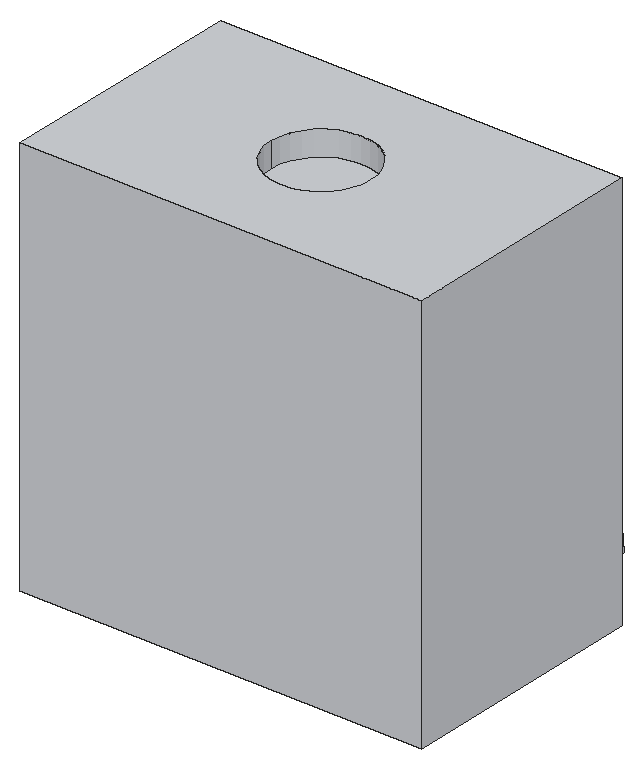
Revit family "SHG_Zugschalter_V1700", category Lichtschalter, Revit 2017
Family settings
  Beschriftungsausrichtung beibehalten = Nein
  Bemaßung runder Anschluss = Durchmesser verwenden
  Teiletyp = Schalter
  OmniClass-Nummer = 23.80.00.00
  OmniClass-Titel = Electric Power and Lighting
  Arbeitsebenenbasiert = Nein
  Immer vertikal = Ja
  Beim Laden mit Abzugskörper schneiden = Nein
  Gemeinsam genutzt = Nein
  Raumberechnungspunkt = Nein
Parameters (values of type "Zugschalter_Rolltor")
  pbr_Material_KZ = ""
  pbr_Material = none
  pbr_E_Typ = ""
  pbr_E_KZ = ""
  pbr_DINBild = 0
  pbr_Bild = 0
  pbr_3Dx_Delta_Korrekturversatz [instance] = 0 mm
  pbr_3DX_Versatzfaktor [instance] = 0
  pbr_2DY_Versatzfaktor [instance] = 0
  pbr_2DX_Versatzfaktor [instance] = 0
  lfd_STRK [instance] = 0
  cpiFitMatchKey [instance] = "E-LS-AS-1"
  Zugschalter Rolltor = yes
  Zentrale [instance] = ""
  Typ [instance] = ""
  Text3 [instance] = ""
  Text2 [instance] = ""
  Text1 [instance] = ""
  Planungsbüro Rohling = "www.pbr.de"
  Netzart = ""
  Menge(Dosenzahl) [instance] = 0
  Linie [instance] = ""
  Leerrohrtiefe = 5 mm
  Lastklassifizierung = none
  Installationsart [instance] = ""
  Info [instance] = ""
  IFC = ""
  Gewerk [instance] = "ZK"
  Eckversatz [instance] = 0 mm
  YFrontversatz [instance] = if(pbr_2DY_Versatzfaktor = 300, 0 mm, pbr_2DY_Versatzfaktor * 300 mm)  # 0 mm
  XSeitenversatz [instance] = if(pbr_2DX_Versatzfaktor = 0, 3000 mm, 3000 mm + (pbr_2DX_Versatzfaktor * 300 mm)) + Eckversatz  # 3000 mm
  R_Leerrohranschluss = 10 mm
  Niveau [instance] = 1100 mm
  Dosentiefe = 70 mm  # constant formula
  Dosenradius = 65 mm / 2  # 32.5 mm
  D_Leerrohranschluss = 2 * R_Leerrohranschluss  # 20 mm
  Bus [instance] = ""
  Breite = 80 mm
  Boxtiefe = 50 mm
  Betriebsstrom ruhe [instance] = 0
  Betriebsstrom max [instance] = 0
  3Polig_darstellen = no
  3DX_Versatzkontrolle [instance] = if(pbr_3DX_Versatzfaktor = 0, (pbr_2DX_Versatzfaktor * -1), (((-1 * pbr_3DX_Versatzfaktor) + pbr_2DX_Versatzfaktor) * -1))  # 0
  3DX_Versatzfaktor [instance] = 0
  3DX_Versatz [instance] = if([3DX_Versatzkontrolle] = 0, 2000 mm, 2000 mm + ([3DX_Versatzkontrolle] * (300 mm - Breite))) + pbr_3Dx_Delta_Korrekturversatz  # 2000 mm
  2Polig_darstellen = no
  2DY_Versatzfaktor [instance] = 0
  2DX_Versatzfaktor [instance] = 0
Reference planes
  plane 1 "Mitte (Vorne/Hinten)": y = 0
  plane 2: z = 0
  plane 3 "Mitte (Links/Rechts)": x = 0
  plane 4: x = -125
  plane 5: x = 125
  plane 6: y = 300
  plane 7 "Schalterhinten": y = 0
  plane 8: x = 0
  plane 9: x = -2000
  plane 10: x = -40
  plane 11: x = 40
  plane 12: z = 1140
  plane 13: z = 1060
  plane 14 "SchalterVorne": y = 50
  plane 15 "3DSchalterMitte": x = 0
  plane 16: z = 1100
  plane 17 "Schalterkurz": y = 52.47
  plane 18 "Schalterlang": y = 59.712
  plane 19: x = -32.5
  plane 20: x = 32.5
  plane 21 "MitteBox": y = 25
  plane 22: z = 1135
  plane 23: z = 1065
Forms (mm)
  Extrusion 1, solid
    sketch origin (0, 20, 0) x (0, 0, 1) y (-1, 0, 0)
      loop
        line (1060, 40) -> (1060, -40) -> (1140, -40) -> (1140, 40) -> (1060, 40)
    from -30 to 20
  Sweep 2, solid
    path origin (0, 59.712, 0) x (-1, 0, 0) y (0, 0, 1)
      loop
        line (32.5, 1100) -> (-32.5, 1100)
    profile origin (0, 59.712, 1100) x (0, 0, -1) y (0, 1, 0)
      loop
        line (-35, -9.712) -> (33.898, -9.712) -> (33.898, 0) -> (-35, -7.241) -> (-35, -9.712)
  Sweep 3, void
    path origin (-111.336, 25, 1200) x (-1, 0, 0) y (0, 0, 1)
      loop
        line (-111.336, -135) -> (-111.336, -140)
    profile origin (0, 25, 1062.5) x (0, 1, 0) y (-1, 0, 0)
      loop
        circle (0, 0) r 10
  Sweep 4, void
    path origin (-111.336, 25, 1200) x (-1, 0, 0) y (0, 0, 1)
      loop
        line (-111.336, -65) -> (-111.336, -60)
    profile origin (0, 25, 1137.5) x (1, 0, 0) y (0, 1, 0)
      loop
        circle (0, 0) r 10
Cuts and joins
  Sweep 3, Sweep 4 cuts Extrusion 1
  joined: Extrusion 1, Sweep 2
Dimensions and locks
  plane 4 to plane 5 = 250 mm
  plane 6 to plane 7 "Schalterhinten" = 300 mm
  equal spacing: plane 4, plane 8, plane 5, locked at 125 each
  "YFrontversatz": plane 1 "Mitte (Vorne/Hinten)" to plane 7 "Schalterhinten"
  plane 11 to plane 10 = 80 mm
  plane 12 to plane 13 = 80 mm
  plane 8 to plane 9 = 2000 mm
  equal spacing: plane 11, plane 15 "3DSchalterMitte", plane 10
  "3DX_Versatz": plane 15 "3DSchalterMitte" to plane 9
  equal spacing: plane 12, plane 16, plane 13
  "Niveau": plane 16 to level
  plane 14 "SchalterVorne" to plane 1 "Mitte (Vorne/Hinten)" = 50 mm
  "Boxtiefe": plane 1 "Mitte (Vorne/Hinten)" to plane 14 "SchalterVorne"
  plane 1 "Mitte (Vorne/Hinten)" to plane 14 "SchalterVorne" to plane 17 "Schalterkurz" to plane 18 "Schalterlang" = 50 mm, 2.47 mm locked, 7.241 mm locked
  locked: plane 10 to plane 19 at 7.5
  locked: plane 20 to plane 11 at 7.5
  equal spacing: plane 1 "Mitte (Vorne/Hinten)", plane 21 "MitteBox", plane 14 "SchalterVorne"
  "Leerrohrtiefe": plane 22 to plane 12
  "Leerrohrtiefe": plane 23 to plane 13
  locked: plane 8 to plane 9 at 2000
  "Breite": plane 11 to plane 10
  "R_Leerrohranschluss": radius of Sweep 3 sketch curve
  "R_Leerrohranschluss": radius of Sweep 4 sketch curve
  aligned and locked: level to plane 2
  aligned and locked: plane 13 to Extrusion 1 sketch curve
  aligned and locked: Extrusion 1 sketch curve to plane 10
  aligned and locked: Extrusion 1 sketch curve to plane 12
  aligned and locked: plane 11 to Extrusion 1 sketch curve
  aligned and locked: plane 1 "Mitte (Vorne/Hinten)" to Extrusion 1
  aligned and locked: Extrusion 1 to plane 14 "SchalterVorne"
  aligned and locked: nested 1 to plane 8
  aligned and locked: nested 1 to plane 7 "Schalterhinten"
Automatic sketch dimensions
  Sweep 2 sketch curve to plane 16 = 0 mm
  plane 20 to Sweep 2 sketch curve = 0 mm
  plane 19 to Sweep 2 sketch curve = 0 mm
  Sweep 2 sketch curve to plane 18 "Schalterlang" = 0 mm
  Sweep 2 sketch curve to plane 18 "Schalterlang" = 7.241 mm
  profile plane to Sweep 2 sketch curve = 35 mm
  Sweep 2 sketch curve to profile plane = 33.898 mm
  Sweep 2 sketch curve to Sweep 2 sketch curve = 9.712 mm
  Sweep 3 sketch curve to plane 13 = 0 mm
  Sweep 3 sketch curve to plane 15 "3DSchalterMitte" = 0 mm
  Sweep 3 sketch curve to plane 23 = 0 mm
  Sweep 3 sketch curve to plane 21 "MitteBox" = 0 mm
  Sweep 3 sketch curve to profile plane = 0 mm
  Sweep 4 sketch curve to plane 12 = 0 mm
  Sweep 4 sketch curve to plane 15 "3DSchalterMitte" = 0 mm
  Sweep 4 sketch curve to plane 22 = 0 mm
  Sweep 4 sketch curve to plane 21 "MitteBox" = 0 mm
  Sweep 4 sketch curve to profile plane = 0 mm
Nested families
  nested 1: "Zugschalter Rolltor" at (0, 0, 0), visible <- "Zugschalter Rolltor", type "Zugschalter Rolltor"
Connectors
  electrical at (0, 25, 1140)
    settings: on cut or joined group of Extrusion 1, Sweep 2, Sweep 3, Sweep 4, index 1, voltage 230 V, apparent load 0 VA, apparent load phase1 0 VA, apparent load phase2 0 VA, apparent load phase3 0 VA, power factor 1, load classification "Standard", number of poles 1, system type 31, power factor state 1, is connector primary yes, connector utility no, sub classification motor no, connector description ""
  cabletrayconduit at (0, 25, 1135), diameter 20, driven by "D_Leerrohranschluss"
    settings: on cut or joined group of Extrusion 1, Sweep 2, Sweep 3, Sweep 4, index 2, connector width 300 mm, connector height 300 mm, connector angle 0.00°, system type 32, placement type 0, profile type 0, connector reference index -1, is primary connector yes, connector utility param no, connector description ""
  cabletrayconduit at (0, 25, 1065), diameter 20, driven by "D_Leerrohranschluss"
    settings: on cut or joined group of Extrusion 1, Sweep 2, Sweep 3, Sweep 4, index 3, connector width 300 mm, connector height 300 mm, connector angle 0.00°, system type 32, placement type 0, profile type 0, connector reference index -1, is primary connector no, connector utility param no, connector description ""
Definition of nested family "Zugschalter Rolltor"
  Reference planes
    plane 1 "Mitte (Vorne/Hinten)": y = 0
    plane 2: z = 0
    plane 3 "Mitte (Links/Rechts)": x = 0
  Lines and regions (mm)
    Filled region 1, type "Beton", in view "Referenzebene"
      outline origin (0.992, 448.366, 0) x (-1, 0, 0) y (0, -1, 0)
        loop
          circle (0.496, 338.09) r 22.055
    detail lines, in view "Referenzebene"
      curve 1: line (-109.781, 220.553, 0) -> (-109.781, 0, 0)
      curve 2: line (-109.781, 0, 0) -> (110.773, 0, 0)
      curve 3: line (110.773, 0, 0) -> (110.773, 220.553, 0)
      curve 4: line (110.773, 220.553, 0) -> (-109.781, 220.553, 0)
      curve 5: line (0.496, 132.332, 0) -> (0.496, 254.118, 0)
      curve 6: line (0.496, 254.118, 0) -> (33.579, 287.201, 0)
      curve 7: line (33.579, 287.201, 0) -> (-32.587, 326.6, 0)
      curve 8: line (-32.587, 326.6, 0) -> (33.579, 364.215, 0)
      curve 9: line (33.579, 364.215, 0) -> (-32.587, 401.829, 0)
      curve 10: line (-32.587, 401.829, 0) -> (0.496, 415.283, 0)
      curve 11: line (0.496, 415.283, 0) -> (0.496, 448.366, 0)
